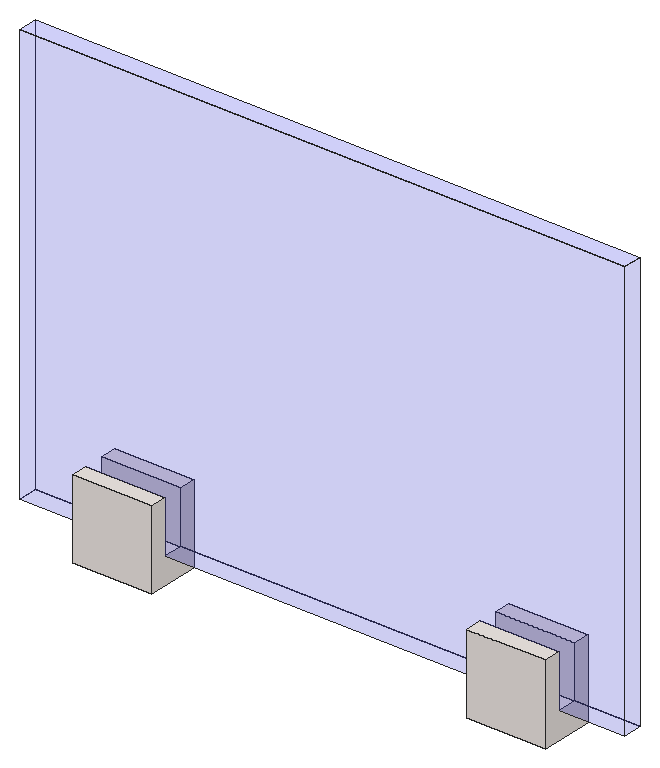
Revit family "3243645ed3fd49529cad6911eb51291f", category Furniture Systems, Revit 2021
Family settings
  Round Connector Dimension = Use Diameter
  Part Type = Normal
  OmniClass Number = 23.40.70.14.64.21
  OmniClass Title = Systems Furniture
  Work Plane-Based = Yes
  Always vertical = Yes
  Cut with Voids When Loaded = No
  Shared = No
  Room Calculation Point = No
Parameters (values of type "24" x 16"")
  Type Comments = "24\" x 16\" Privacy Panel"
  Panel Material [instance] = Glass - Frosted - Privacy
  Model = ""
  Manufacturer = ""
  Length = 24"
  Height = 16"
  Support Material [instance] = Metal - Paint Linen
  Description = ""
  Default Elevation = 48"
Types (5): name | Type Comments | Length
  48" x 16" | "48\" x 16\" Privacy Panel" | 48"
  42" x 16" | "42\" x 16\" Privacy Panel" | 42"
  36" x 16" | "36\" x 16\" Privacy Panel" | 36"
  30" x 16" | "30\" x 16\" Privacy Panel" | 30"
  24" x 16" | "24\" x 16\" Privacy Panel" | 24"
Reference planes (in)
  plane 1 "Center F/B": y = 0
  plane 2: z = 0
  plane 3 "Center L/R": x = 0
  plane 4 "Right": x = 24
  plane 5 "Top": z = 17
  plane 6: z = 3
  plane 7: x = 21
  plane 8: z = 1
  plane 9: y = 0.375
  plane 10: y = -0.375
  plane 11: y = 1
  plane 12: y = -1
  plane 13: x = 3
  plane 14: x = 6
  plane 15: x = 23.5
  plane 16: x = 0.5
  plane 17: x = 18
Forms (in)
  Extrusion 1, solid, material "Metal - Paint Linen" <- "Support Material"
    sketch origin (0, 0, 0) x (0, 1, 0) y (0, 0, 1)
      loop
        line (1, 3) -> (0.375, 3) -> (0.375, 1) -> (-0.375, 1) -> (-0.375, 3) -> (-1, 3) -> (-1, 0) -> (1, 0) -> (1, 3)
    from 3 to 6
  Extrusion 2, solid, material "Glass - Frosted - Privacy" <- "Panel Material"
    sketch origin (0, 0, 0) x (0, 1, 0) y (0, 0, 1)
      loop
        line (0.375, 1) -> (0.375, 17) -> (-0.375, 17) -> (-0.375, 1) -> (0.375, 1)
    from 0.5 to 23.5
  Extrusion 3, solid, material "Metal - Paint Linen" <- "Support Material"
    sketch origin (0, -8, 0) x (0, 1, 0) y (0, 0, 1)
      loop
        line (9, 3) -> (8.375, 3) -> (8.375, 1) -> (7.625, 1) -> (7.625, 3) -> (7, 3) -> (7, 0) -> (9, 0) -> (9, 3)
    from 18 to 21
Lines and regions (in)
  Masking region 1
    outline origin (0, 0, 0) x (1, 0, 0) y (0, 1, 0)
      loop
        line (0.5, 0.375) -> (0.5, -0.375) -> (3, -0.375) -> (3, -1) -> (6, -1) -> (6, -0.375) -> (18, -0.375) -> (18, -1) -> (21, -1) -> (21, -0.375) -> (23.5, -0.375) -> (23.5, 0.375) -> (21, 0.375) -> (21, 1) -> (18, 1) -> (18, 0.375) -> (6, 0.375) -> (6, 1) -> (3, 1) -> (3, 0.375) -> (0.5, 0.375)
  symbolic lines, style "Partitions"
    curve 1: line (3, 0.375, 0) -> (6, 0.375, 0)
    curve 2: line (3, -0.375, 0) -> (6, -0.375, 0)
    curve 3: line (18, 0.375, 0) -> (21, 0.375, 0)
    curve 4: line (18, -0.375, 0) -> (21, -0.375, 0)
Dimensions and locks (in)
  "Length": plane 3 "Center L/R" to plane 4 "Right"
  locked: plane 7 to plane 4 "Right" at 3
  locked: plane 8 to level at 1
  "Height": plane 5 "Top" to plane 8
  plane 6 to plane 2 = 3"
  locked: plane 9 to plane 10 at 0.75
  equal spacing: plane 9, plane 1 "Center F/B", plane 10
  locked: plane 11 to plane 12 at 2
  equal spacing: plane 11, plane 1 "Center F/B", plane 12
  locked: plane 3 "Center L/R" to plane 16 at 0.5
  locked: plane 3 "Center L/R" to plane 13 at 3
  locked: plane 13 to plane 14 at 3
  locked: plane 15 to plane 4 "Right" at 0.5
  locked: plane 17 to plane 7 at 3
  aligned and locked: level to plane 2
  aligned and locked: plane 6 to Extrusion 1 sketch curve  (x2)
  aligned and locked: Extrusion 1 sketch curve to plane 10
  aligned and locked: plane 9 to Extrusion 1 sketch curve
  aligned and locked: plane 8 to Extrusion 1 sketch curve
  aligned and locked: Extrusion 1 sketch curve to level
  aligned and locked: Extrusion 1 sketch curve to plane 11
  aligned and locked: plane 12 to Extrusion 1 sketch curve
  aligned and locked: Extrusion 1 to plane 13
  aligned and locked: plane 14 to Extrusion 1
  aligned and locked: Extrusion 2 sketch curve to plane 5 "Top"
  aligned and locked: Extrusion 2 sketch curve to plane 9
  aligned and locked: plane 10 to Extrusion 2 sketch curve
  aligned and locked: Extrusion 2 sketch curve to plane 8
  aligned and locked: plane 16 to Extrusion 2
  aligned and locked: Extrusion 2 to plane 15
  aligned and locked: Extrusion 3 to plane 7
  aligned and locked: plane 17 to Extrusion 3
  aligned and locked: Extrusion 3 sketch curve to plane 11
  aligned and locked: plane 9 to Extrusion 3 sketch curve
  aligned and locked: Extrusion 3 sketch curve to plane 10
  aligned and locked: plane 12 to Extrusion 3 sketch curve
  aligned and locked: plane 9 to Masking region 1 sketch curve
  aligned and locked: Masking region 1 sketch curve to plane 10
  aligned and locked: Masking region 1 sketch curve to plane 16
  aligned and locked: plane 15 to Masking region 1 sketch curve
  aligned and locked: Masking region 1 sketch curve to plane 17
  aligned and locked: Masking region 1 sketch curve to plane 12  (x2)
  aligned and locked: plane 7 to Masking region 1 sketch curve
  aligned and locked: plane 11 to Masking region 1 sketch curve
  aligned and locked: Masking region 1 sketch curve to plane 14  (x2)
  aligned and locked: plane 13 to Masking region 1 sketch curve  (x2)
Automatic sketch dimensions
  Extrusion 3 sketch curve to level = 0"
  Extrusion 3 sketch curve to plane 6 = 0"  (x2)
  Extrusion 3 sketch curve to plane 8 = 0"
  plane 10 to Masking region 1 sketch curve = 0"  (x2)
  Masking region 1 sketch curve to plane 17 = 0"
  Masking region 1 sketch curve to plane 7 = 0"
  plane 9 to Masking region 1 sketch curve = 0"  (x2)
  plane 11 to Masking region 1 sketch curve = 0"
  plane 10 to curve 2 = 0"
  curve 2 to plane 13 = 0"
  plane 9 to curve 1 = 0"
  curve 1 to plane 13 = 0"
  curve 2 to plane 14 = 0"
  curve 1 to plane 14 = 0"
  plane 10 to curve 4 = 0"
  curve 4 to plane 17 = 0"
  plane 9 to curve 3 = 0"
  curve 3 to plane 17 = 0"
  curve 4 to plane 7 = 0"
  curve 3 to plane 7 = 0"
